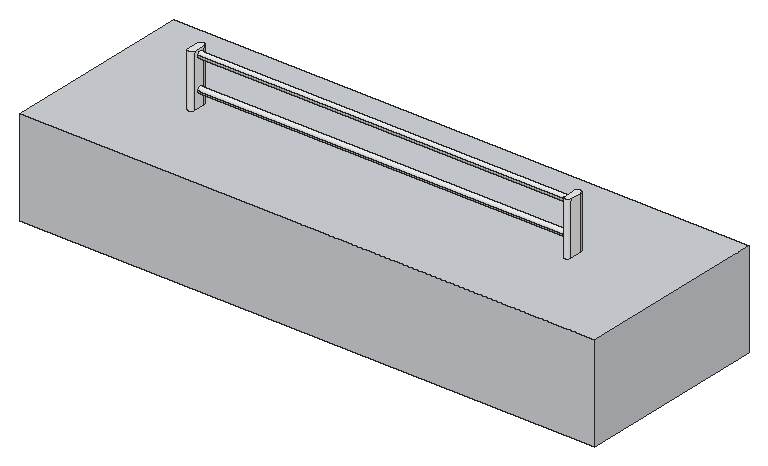
Revit family
Parameters
  URL = "http://www.caroma.com.au/bathrooms/accessories/track/track-double-towel-rail-800mm"
  Tap Material = Caroma Chrome
  Model = "Track Double Towel Rail - 800mm\r\n\r\n"
  Manufacturer = "Caroma"
  Design By = "Design Content ©"  # constant formula
  Description = "Featuring bold, designer styling and European inspired design, the Track range will lift the feel of any bathroom. \r\n\r\n\r\n\r\n\r\n\r\n"
  Default Elevation = 0.00 mm
  Author = "DM"  # constant formula
Reference planes
  plane 1 "Center (Front/Back)": y = 0
  plane 2: z = 0
  plane 3 "Center (Left/Right)": x = 0
  plane 4: z = 34
  plane 5: z = 100.004
Forms (mm)
  Extrusion 1, solid
    sketch origin (0, 0, 0) x (1, 0, 0) y (0, 1, 0)
      loop
        line (-600, 200) -> (-600, -200) -> (600, -200) -> (600, 200) -> (-600, 200)
    from 0 to -200
  Extrusion 2, solid, material "Caroma Chrome" <- "Tap Material"
    sketch origin (-307.685, 0, 0) x (1, 0, 0) y (0, 1, 0)
      loop
        arc (-78.315, 12) -> (-85.315, 19) -> (-92.315, 12) r 7
        line (-92.315, 12) -> (-92.315, -12)
        arc (-92.315, -12) -> (-85.315, -19) -> (-78.315, -12) r 7
        line (-78.315, -12) -> (-78.315, 12)
    from 0 to 110
  Extrusion 3, solid, material "Caroma Chrome" <- "Tap Material"
    sketch origin (478.315, 0, 0) x (1, 0, 0) y (0, 1, 0)
      loop
        arc (-78.315, 12) -> (-85.315, 19) -> (-92.315, 12) r 7
        line (-92.315, 12) -> (-92.315, -12)
        arc (-92.315, -12) -> (-85.315, -19) -> (-78.315, -12) r 7
        line (-78.315, -12) -> (-78.315, 12)
    from 0 to 110
  Extrusion 4, solid, material "Caroma Chrome" <- "Tap Material"
    sketch origin (0, 0, -32) x (0, 1, 0) y (0, 0, 1)
      loop
        circle (0, 66) r 6
    from -386 to 386
  Extrusion 5, solid, material "Caroma Chrome" <- "Tap Material"
    sketch origin (0, 0, 34.004) x (0, 1, 0) y (0, 0, 1)
      loop
        circle (0, 66) r 6
    from -386 to 386
Cuts and joins
  joined: Extrusion 2, Extrusion 3, Extrusion 4, Extrusion 5
Lines and regions (mm)
  Masking region 1
    outline origin (0, 41.628, 34) x (0, 1, 0) y (-1, 0, 0)
      loop
        arc (-53.628, 400) -> (-60.628, 393) -> (-53.628, 386) r 7
        line (-53.628, 386) -> (-47.628, 386) -> (-47.628, -386) -> (-53.628, -386)
        arc (-53.628, -386) -> (-60.628, -393) -> (-53.628, -400) r 7
        line (-53.628, -400) -> (-29.628, -400)
        arc (-29.628, -400) -> (-22.628, -393) -> (-29.628, -386) r 7
        line (-29.628, -386) -> (-35.628, -386) -> (-35.628, 386) -> (-29.628, 386)
        arc (-29.628, 386) -> (-22.628, 393) -> (-29.628, 400) r 7
        line (-29.628, 400) -> (-53.628, 400)
  Masking region 2
    outline origin (0, 113.5, 0) x (-1, 0, 0) y (0, 0, 1)
      loop
        line (400, 110) -> (386, 110) -> (386, 106.004) -> (-386, 106.004) -> (-386, 110) -> (-400, 110) -> (-400, 0) -> (-386, 0) -> (-386, 28) -> (386, 28) -> (386, 0) -> (400, 0) -> (400, 110)
      loop
        line (-386, 40) -> (386, 40) -> (386, 94.004) -> (-386, 94.004) -> (-386, 40)
  Masking region 3
    outline origin (0, 0, 0) x (0, 1, 0) y (0, 0, 1)
      loop
        line (19, 110) -> (-19, 110) -> (-19, 0) -> (19, 0) -> (19, 110)
  symbolic lines, style "Caroma Bathroom Accessories"
    curve 1: line (-386, -12, 34) -> (-386, 12, 34)
    curve 2: line (386, -12, 34) -> (386, 12, 34)
    curve 3: line (-386, 113.5, 110) -> (-386, 113.5, 0)
    curve 4: line (386, 113.5, 110) -> (386, 113.5, 0)
Dimensions and locks
  aligned and locked: plane 2 to Extrusion 1
  aligned and locked: level to Extrusion 1
  aligned and locked: Extrusion 4 to Extrusion 3
  aligned and locked: Extrusion 4 to Extrusion 2
  aligned and locked: Extrusion 5 to Extrusion 2
  aligned and locked: Extrusion 5 to Extrusion 3
